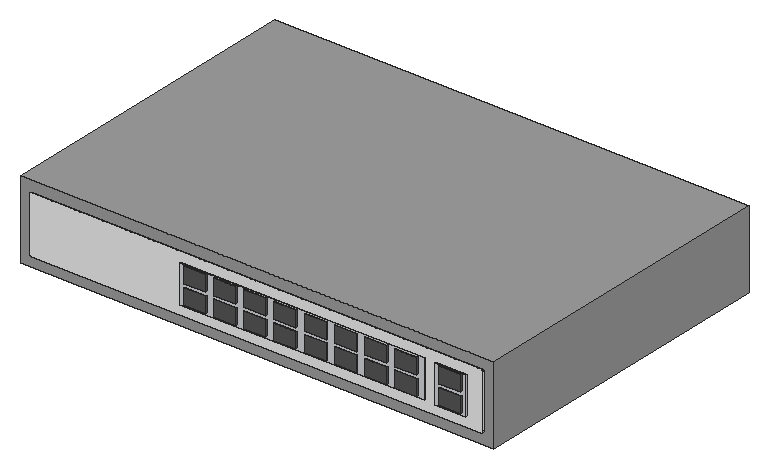
Revit family "BAS-IP_Коммутатор_SH-20-16", category Устройства связи, Revit 2019
Family settings
  Сохранять ориентацию аннотаций = Нет
  Размер круглого соединителя = Использовать диаметр
  Тип детали = Нормальный
  На основе рабочей плоскости = Нет
  Всегда вертикально = Да
  При загрузке вырезать с полостями = Нет
  Общий = Нет
  Точка расчета площади = Нет
Parameters (values of type "SH-20.16")
  УГО_Смещение_Y [instance] = 0 mm
  УГО_Смещение_X [instance] = 0 mm
  Максимальная суммарная мощность всех портов = "246 Вт"
  Температурный режим = "-20 – +55 °С"
  Максимальная мощность на каждом порту с PoE = "15,4 Вт"
  Максимальная длина кабеля при подключении к портам с PoE = "100 м"
  Количество портов PoE = "16 x 10/100Base-TX, 8P8C Auto-MDI / MDI-X (IEEE 802.3af)"
  Источник питания = "Переменное напряжение 220 В ±20%, 50 Гц"
  Габаритные размеры = "270 × 181 × 44.5 мм"
  Уровень коммутатора = "1 (неуправляемый)"
  Метод подачи питания на портах с PoE = "Метод B"
  Изготовитель = "BAS-IP"  # constant formula
  Количество портов UpLink = "2 x 10/100Base-TX / 1000Base-T, 8P8C Auto-MDI / MDI-X"
  ADSK_Размер_Смещение от уровня [instance] = 1000 mm
  ADSK_Примечание [instance] = ""
  ADSK_Позиция [instance] = ""
  ADSK_Наименование = "PoE коммутатор на 16 портов"
  ADSK_Материал = Gray
  ADSK_Марка = "SH-20.16"
  ADSK_Количество = 1  # constant formula
  ADSK_Код изделия = ""
  ADSK_Завод-изготовитель = "BAS-IP"  # constant formula
  ADSK_Единица измерения = "шт."  # constant formula
Reference planes
  plane 1 "По центру (Вперед/Назад)": y = 0
  plane 2: z = 0
  plane 3 "По центру (Влево/Вправо)": x = 0
  plane 4: z = 1000
  plane 5: z = 0
  plane 6: x = 0
  plane 7: y = 0
Forms (mm)
  Extrusion 1, solid, material "Gray" <- "ADSK_Материал", not visible, detail levels medium+fine
    sketch origin (0, 0, 0) x (1, 0, 0) y (0, 1, 0)
      loop
        line (-135, 0) -> (-135, -181) -> (135, -181) -> (135, 0) -> (-135, 0)
    from 0 to 44.5
  Extrusion 2, solid, material "White", not visible, detail levels fine
    sketch origin (44.72, -85.5, 14.394) x (1, 0, 0) y (0, 0, 1)
      loop
        arc (-172.72, 24.106) -> (-173.427, 23.813) -> (-173.72, 23.106) r 1
        line (-173.72, 23.106) -> (-173.72, -7.394)
        arc (-173.72, -7.394) -> (-173.427, -8.101) -> (-172.72, -8.394) r 1
        line (-172.72, -8.394) -> (83.28, -8.394)
        arc (83.28, -8.394) -> (83.987, -8.101) -> (84.28, -7.394) r 1
        line (84.28, -7.394) -> (84.28, 23.106)
        arc (84.28, 23.106) -> (83.987, 23.813) -> (83.28, 24.106) r 1
        line (83.28, 24.106) -> (-172.72, 24.106)
    from 95 to 96
  Extrusion 3, solid, not visible, detail levels fine
    sketch origin (120.836, -86, 12.594) x (1, 0, 0) y (0, 0, 1)
      loop
        line (-163.972, 20.358) -> (-163.972, -1.094) -> (-24.708, -1.094) -> (-24.708, 20.358) -> (-163.972, 20.358)
    from 95 to 96
  Extrusion 4, solid, material "Black", not visible, detail levels fine
    sketch origin (121.347, -86, 12.236) x (1, 0, 0) y (0, 0, 1)
      loop
        line (-162, 19.946) -> (-162, 10.946) -> (-149.523, 10.946) -> (-149.523, 19.946) -> (-162, 19.946)
    from 95 to 96.5
  Extrusion 5, solid, material "Black", not visible, detail levels fine
    sketch origin (121.347, -86, 32.216) x (1, 0, 0) y (0, 0, 1)
      loop
        line (-162, -19.946) -> (-149.523, -19.946) -> (-149.523, -10.946) -> (-162, -10.946) -> (-162, -19.946)
    from 95 to 96.5
  Extrusion 6, solid, material "Black", not visible, detail levels fine
    sketch origin (138.539, -86, 12.236) x (1, 0, 0) y (0, 0, 1)
      loop
        line (-162, 19.946) -> (-162, 10.946) -> (-149.523, 10.946) -> (-149.523, 19.946) -> (-162, 19.946)
    from 95 to 96.5
  Extrusion 7, solid, material "Black", not visible, detail levels fine
    sketch origin (138.539, -86, 32.216) x (1, 0, 0) y (0, 0, 1)
      loop
        line (-162, -19.946) -> (-149.523, -19.946) -> (-149.523, -10.946) -> (-162, -10.946) -> (-162, -19.946)
    from 95 to 96.5
  Extrusion 8, solid, material "Black", not visible, detail levels fine
    sketch origin (155.731, -86, 12.236) x (1, 0, 0) y (0, 0, 1)
      loop
        line (-162, 19.946) -> (-162, 10.946) -> (-149.523, 10.946) -> (-149.523, 19.946) -> (-162, 19.946)
    from 95 to 96.5
  Extrusion 9, solid, material "Black", not visible, detail levels fine
    sketch origin (155.731, -86, 32.216) x (1, 0, 0) y (0, 0, 1)
      loop
        line (-162, -19.946) -> (-149.523, -19.946) -> (-149.523, -10.946) -> (-162, -10.946) -> (-162, -19.946)
    from 95 to 96.5
  Extrusion 10, solid, material "Black", not visible, detail levels fine
    sketch origin (172.923, -86, 12.236) x (1, 0, 0) y (0, 0, 1)
      loop
        line (-162, 19.946) -> (-162, 10.946) -> (-149.523, 10.946) -> (-149.523, 19.946) -> (-162, 19.946)
    from 95 to 96.5
  Extrusion 11, solid, material "Black", not visible, detail levels fine
    sketch origin (172.923, -86, 32.216) x (1, 0, 0) y (0, 0, 1)
      loop
        line (-162, -19.946) -> (-149.523, -19.946) -> (-149.523, -10.946) -> (-162, -10.946) -> (-162, -19.946)
    from 95 to 96.5
  Extrusion 12, solid, material "Black", not visible, detail levels fine
    sketch origin (190.115, -86, 12.236) x (1, 0, 0) y (0, 0, 1)
      loop
        line (-162, 19.946) -> (-162, 10.946) -> (-149.523, 10.946) -> (-149.523, 19.946) -> (-162, 19.946)
    from 95 to 96.5
  Extrusion 13, solid, material "Black", not visible, detail levels fine
    sketch origin (190.115, -86, 32.216) x (1, 0, 0) y (0, 0, 1)
      loop
        line (-162, -19.946) -> (-149.523, -19.946) -> (-149.523, -10.946) -> (-162, -10.946) -> (-162, -19.946)
    from 95 to 96.5
  Extrusion 14, solid, material "Black", not visible, detail levels fine
    sketch origin (207.307, -86, 12.236) x (1, 0, 0) y (0, 0, 1)
      loop
        line (-162, 19.946) -> (-162, 10.946) -> (-149.523, 10.946) -> (-149.523, 19.946) -> (-162, 19.946)
    from 95 to 96.5
  Extrusion 15, solid, material "Black", not visible, detail levels fine
    sketch origin (207.307, -86, 32.216) x (1, 0, 0) y (0, 0, 1)
      loop
        line (-162, -19.946) -> (-149.523, -19.946) -> (-149.523, -10.946) -> (-162, -10.946) -> (-162, -19.946)
    from 95 to 96.5
  Extrusion 16, solid, material "Black", not visible, detail levels fine
    sketch origin (224.499, -86, 12.236) x (1, 0, 0) y (0, 0, 1)
      loop
        line (-162, 19.946) -> (-162, 10.946) -> (-149.523, 10.946) -> (-149.523, 19.946) -> (-162, 19.946)
    from 95 to 96.5
  Extrusion 17, solid, material "Black", not visible, detail levels fine
    sketch origin (224.499, -86, 32.216) x (1, 0, 0) y (0, 0, 1)
      loop
        line (-162, -19.946) -> (-149.523, -19.946) -> (-149.523, -10.946) -> (-162, -10.946) -> (-162, -19.946)
    from 95 to 96.5
  Extrusion 18, solid, material "Black", not visible, detail levels fine
    sketch origin (241.691, -86, 12.236) x (1, 0, 0) y (0, 0, 1)
      loop
        line (-162, 19.946) -> (-162, 10.946) -> (-149.523, 10.946) -> (-149.523, 19.946) -> (-162, 19.946)
    from 95 to 96.5
  Extrusion 19, solid, material "Black", not visible, detail levels fine
    sketch origin (241.691, -86, 32.216) x (1, 0, 0) y (0, 0, 1)
      loop
        line (-162, -19.946) -> (-149.523, -19.946) -> (-149.523, -10.946) -> (-162, -10.946) -> (-162, -19.946)
    from 95 to 96.5
  Extrusion 20, solid, not visible, detail levels fine
    sketch origin (265.836, -86, 12.594) x (1, 0, 0) y (0, 0, 1)
      loop
        line (-163.716, 20.358) -> (-163.716, -1.094) -> (-146.086, -1.094) -> (-146.086, 20.358) -> (-163.716, 20.358)
    from 95 to 96
  Extrusion 21, solid, material "Black", not visible, detail levels fine
    sketch origin (266.604, -86, 12.236) x (1, 0, 0) y (0, 0, 1)
      loop
        line (-162, 19.946) -> (-162, 10.946) -> (-149.523, 10.946) -> (-149.523, 19.946) -> (-162, 19.946)
    from 95 to 96.5
  Extrusion 22, solid, material "Black", not visible, detail levels fine
    sketch origin (266.604, -86, 32.216) x (1, 0, 0) y (0, 0, 1)
      loop
        line (-162, -19.946) -> (-149.523, -19.946) -> (-149.523, -10.946) -> (-162, -10.946) -> (-162, -19.946)
    from 95 to 96.5
  Extrusion 23, solid, material "Gray" <- "ADSK_Материал", detail levels medium+fine
    sketch origin (0, 0, 1000) x (1, 0, 0) y (0, 1, 0)
      loop
        line (-135, 0) -> (-135, -181) -> (135, -181) -> (135, 0) -> (-135, 0)
    from 0 to 44.5
  Extrusion 24, solid, material "White", detail levels fine
    sketch origin (44.72, -85.5, 1014.394) x (1, 0, 0) y (0, 0, 1)
      loop
        arc (-172.72, 24.106) -> (-173.427, 23.813) -> (-173.72, 23.106) r 1
        line (-173.72, 23.106) -> (-173.72, -7.394)
        arc (-173.72, -7.394) -> (-173.427, -8.101) -> (-172.72, -8.394) r 1
        line (-172.72, -8.394) -> (83.28, -8.394)
        arc (83.28, -8.394) -> (83.987, -8.101) -> (84.28, -7.394) r 1
        line (84.28, -7.394) -> (84.28, 23.106)
        arc (84.28, 23.106) -> (83.987, 23.813) -> (83.28, 24.106) r 1
        line (83.28, 24.106) -> (-172.72, 24.106)
    from 95 to 96
  Extrusion 25, solid, detail levels fine
    sketch origin (120.836, -86, 1012.594) x (1, 0, 0) y (0, 0, 1)
      loop
        line (-163.972, 20.358) -> (-163.972, -1.094) -> (-24.708, -1.094) -> (-24.708, 20.358) -> (-163.972, 20.358)
    from 95 to 96
  Extrusion 26, solid, material "Black", detail levels fine
    sketch origin (121.347, -86, 1012.236) x (1, 0, 0) y (0, 0, 1)
      loop
        line (-162, 19.946) -> (-162, 10.946) -> (-149.523, 10.946) -> (-149.523, 19.946) -> (-162, 19.946)
    from 95 to 96.5
  Extrusion 27, solid, material "Black", detail levels fine
    sketch origin (121.347, -86, 1032.216) x (1, 0, 0) y (0, 0, 1)
      loop
        line (-162, -19.946) -> (-149.523, -19.946) -> (-149.523, -10.946) -> (-162, -10.946) -> (-162, -19.946)
    from 95 to 96.5
  Extrusion 28, solid, material "Black", detail levels fine
    sketch origin (138.539, -86, 1012.236) x (1, 0, 0) y (0, 0, 1)
      loop
        line (-162, 19.946) -> (-162, 10.946) -> (-149.523, 10.946) -> (-149.523, 19.946) -> (-162, 19.946)
    from 95 to 96.5
  Extrusion 29, solid, material "Black", detail levels fine
    sketch origin (138.539, -86, 1032.216) x (1, 0, 0) y (0, 0, 1)
      loop
        line (-162, -19.946) -> (-149.523, -19.946) -> (-149.523, -10.946) -> (-162, -10.946) -> (-162, -19.946)
    from 95 to 96.5
  Extrusion 30, solid, material "Black", detail levels fine
    sketch origin (155.731, -86, 1012.236) x (1, 0, 0) y (0, 0, 1)
      loop
        line (-162, 19.946) -> (-162, 10.946) -> (-149.523, 10.946) -> (-149.523, 19.946) -> (-162, 19.946)
    from 95 to 96.5
  Extrusion 31, solid, material "Black", detail levels fine
    sketch origin (155.731, -86, 1032.216) x (1, 0, 0) y (0, 0, 1)
      loop
        line (-162, -19.946) -> (-149.523, -19.946) -> (-149.523, -10.946) -> (-162, -10.946) -> (-162, -19.946)
    from 95 to 96.5
  Extrusion 32, solid, material "Black", detail levels fine
    sketch origin (172.923, -86, 1012.236) x (1, 0, 0) y (0, 0, 1)
      loop
        line (-162, 19.946) -> (-162, 10.946) -> (-149.523, 10.946) -> (-149.523, 19.946) -> (-162, 19.946)
    from 95 to 96.5
  Extrusion 33, solid, material "Black", detail levels fine
    sketch origin (172.923, -86, 1032.216) x (1, 0, 0) y (0, 0, 1)
      loop
        line (-162, -19.946) -> (-149.523, -19.946) -> (-149.523, -10.946) -> (-162, -10.946) -> (-162, -19.946)
    from 95 to 96.5
  Extrusion 34, solid, material "Black", detail levels fine
    sketch origin (190.115, -86, 1012.236) x (1, 0, 0) y (0, 0, 1)
      loop
        line (-162, 19.946) -> (-162, 10.946) -> (-149.523, 10.946) -> (-149.523, 19.946) -> (-162, 19.946)
    from 95 to 96.5
  Extrusion 35, solid, material "Black", detail levels fine
    sketch origin (190.115, -86, 1032.216) x (1, 0, 0) y (0, 0, 1)
      loop
        line (-162, -19.946) -> (-149.523, -19.946) -> (-149.523, -10.946) -> (-162, -10.946) -> (-162, -19.946)
    from 95 to 96.5
  Extrusion 36, solid, material "Black", detail levels fine
    sketch origin (207.307, -86, 1012.236) x (1, 0, 0) y (0, 0, 1)
      loop
        line (-162, 19.946) -> (-162, 10.946) -> (-149.523, 10.946) -> (-149.523, 19.946) -> (-162, 19.946)
    from 95 to 96.5
  Extrusion 37, solid, material "Black", detail levels fine
    sketch origin (207.307, -86, 1032.216) x (1, 0, 0) y (0, 0, 1)
      loop
        line (-162, -19.946) -> (-149.523, -19.946) -> (-149.523, -10.946) -> (-162, -10.946) -> (-162, -19.946)
    from 95 to 96.5
  Extrusion 38, solid, material "Black", detail levels fine
    sketch origin (224.499, -86, 1012.236) x (1, 0, 0) y (0, 0, 1)
      loop
        line (-162, 19.946) -> (-162, 10.946) -> (-149.523, 10.946) -> (-149.523, 19.946) -> (-162, 19.946)
    from 95 to 96.5
  Extrusion 39, solid, material "Black", detail levels fine
    sketch origin (224.499, -86, 1032.216) x (1, 0, 0) y (0, 0, 1)
      loop
        line (-162, -19.946) -> (-149.523, -19.946) -> (-149.523, -10.946) -> (-162, -10.946) -> (-162, -19.946)
    from 95 to 96.5
  Extrusion 40, solid, material "Black", detail levels fine
    sketch origin (241.691, -86, 1012.236) x (1, 0, 0) y (0, 0, 1)
      loop
        line (-162, 19.946) -> (-162, 10.946) -> (-149.523, 10.946) -> (-149.523, 19.946) -> (-162, 19.946)
    from 95 to 96.5
  Extrusion 41, solid, material "Black", detail levels fine
    sketch origin (241.691, -86, 1032.216) x (1, 0, 0) y (0, 0, 1)
      loop
        line (-162, -19.946) -> (-149.523, -19.946) -> (-149.523, -10.946) -> (-162, -10.946) -> (-162, -19.946)
    from 95 to 96.5
  Extrusion 42, solid, detail levels fine
    sketch origin (265.836, -86, 1012.594) x (1, 0, 0) y (0, 0, 1)
      loop
        line (-163.716, 20.358) -> (-163.716, -1.094) -> (-146.086, -1.094) -> (-146.086, 20.358) -> (-163.716, 20.358)
    from 95 to 96
  Extrusion 43, solid, material "Black", detail levels fine
    sketch origin (266.604, -86, 1012.236) x (1, 0, 0) y (0, 0, 1)
      loop
        line (-162, 19.946) -> (-162, 10.946) -> (-149.523, 10.946) -> (-149.523, 19.946) -> (-162, 19.946)
    from 95 to 96.5
  Extrusion 44, solid, material "Black", detail levels fine
    sketch origin (266.604, -86, 1032.216) x (1, 0, 0) y (0, 0, 1)
      loop
        line (-162, -19.946) -> (-149.523, -19.946) -> (-149.523, -10.946) -> (-162, -10.946) -> (-162, -19.946)
    from 95 to 96.5
Dimensions and locks
  "ADSK_Размер_Смещение от уровня": plane 4 to plane 2
  "УГО_Смещение_X": plane 3 "По центру (Влево/Вправо)" to plane 6
  "УГО_Смещение_Y": plane 7 to plane 1 "По центру (Вперед/Назад)"
  aligned and locked: level to plane 2
  aligned and locked: Extrusion 23 to plane 4
  aligned and locked: plane 6 to nested 1
  aligned and locked: nested 1 to plane 7
Automatic sketch dimensions
  Extrusion 2 sketch curve to Extrusion 2 sketch curve = 1 mm  (x3)
  Extrusion 2 sketch curve to Extrusion 2 sketch curve = 30.5 mm
  Extrusion 3 sketch curve to Extrusion 3 sketch curve = 21.452 mm
  Extrusion 4 sketch curve to Extrusion 4 sketch curve = 12.477 mm
  Extrusion 4 sketch curve to Extrusion 4 sketch curve = 9 mm
  Extrusion 5 sketch curve to Extrusion 5 sketch curve = 12.477 mm
  Extrusion 5 sketch curve to Extrusion 5 sketch curve = 9 mm
  Extrusion 6 sketch curve to Extrusion 6 sketch curve = 9 mm
  Extrusion 7 sketch curve to Extrusion 7 sketch curve = 9 mm
  Extrusion 8 sketch curve to Extrusion 8 sketch curve = 9 mm
  Extrusion 9 sketch curve to Extrusion 9 sketch curve = 9 mm
  Extrusion 10 sketch curve to Extrusion 10 sketch curve = 12.477 mm
  Extrusion 10 sketch curve to Extrusion 10 sketch curve = 9 mm
  Extrusion 11 sketch curve to Extrusion 11 sketch curve = 12.477 mm
  Extrusion 11 sketch curve to Extrusion 11 sketch curve = 9 mm
  Extrusion 12 sketch curve to Extrusion 12 sketch curve = 12.477 mm
  Extrusion 12 sketch curve to Extrusion 12 sketch curve = 9 mm
  Extrusion 13 sketch curve to Extrusion 13 sketch curve = 12.477 mm
  Extrusion 13 sketch curve to Extrusion 13 sketch curve = 9 mm
  Extrusion 14 sketch curve to Extrusion 14 sketch curve = 12.477 mm
  Extrusion 14 sketch curve to Extrusion 14 sketch curve = 9 mm
  Extrusion 15 sketch curve to Extrusion 15 sketch curve = 12.477 mm
  Extrusion 15 sketch curve to Extrusion 15 sketch curve = 9 mm
  Extrusion 16 sketch curve to Extrusion 16 sketch curve = 12.477 mm
  Extrusion 16 sketch curve to Extrusion 16 sketch curve = 9 mm
  Extrusion 17 sketch curve to Extrusion 17 sketch curve = 12.477 mm
  Extrusion 17 sketch curve to Extrusion 17 sketch curve = 9 mm
  Extrusion 18 sketch curve to Extrusion 18 sketch curve = 12.477 mm
  Extrusion 18 sketch curve to Extrusion 18 sketch curve = 9 mm
  Extrusion 19 sketch curve to Extrusion 19 sketch curve = 12.477 mm
  Extrusion 19 sketch curve to Extrusion 19 sketch curve = 9 mm
  Extrusion 20 sketch curve to Extrusion 20 sketch curve = 17.63 mm
  Extrusion 20 sketch curve to Extrusion 20 sketch curve = 21.452 mm
  Extrusion 21 sketch curve to Extrusion 21 sketch curve = 12.477 mm
  Extrusion 21 sketch curve to Extrusion 21 sketch curve = 9 mm
  Extrusion 22 sketch curve to Extrusion 22 sketch curve = 12.477 mm
  Extrusion 22 sketch curve to Extrusion 22 sketch curve = 9 mm
  Extrusion 1 sketch curve to Extrusion 1 sketch curve = 270 mm
  Extrusion 1 sketch curve to Extrusion 1 sketch curve = 181 mm
  Extrusion 2 sketch curve to Extrusion 2 sketch curve = 256 mm
  Extrusion 2 sketch curve to Extrusion 2 sketch curve = 0 mm
  Extrusion 3 sketch curve to Extrusion 3 sketch curve = 139.264 mm
  Extrusion 6 sketch curve to Extrusion 6 sketch curve = 12.477 mm
  Extrusion 7 sketch curve to Extrusion 7 sketch curve = 12.477 mm
  Extrusion 8 sketch curve to Extrusion 8 sketch curve = 12.477 mm
  Extrusion 9 sketch curve to Extrusion 9 sketch curve = 12.477 mm
  Extrusion 24 sketch curve to Extrusion 24 sketch curve = 1 mm  (x3)
  Extrusion 24 sketch curve to Extrusion 24 sketch curve = 30.5 mm
  Extrusion 25 sketch curve to Extrusion 25 sketch curve = 21.452 mm
  Extrusion 26 sketch curve to Extrusion 26 sketch curve = 12.477 mm
  Extrusion 26 sketch curve to Extrusion 26 sketch curve = 9 mm
  Extrusion 27 sketch curve to Extrusion 27 sketch curve = 12.477 mm
  Extrusion 27 sketch curve to Extrusion 27 sketch curve = 9 mm
  Extrusion 28 sketch curve to Extrusion 28 sketch curve = 9 mm
  Extrusion 29 sketch curve to Extrusion 29 sketch curve = 9 mm
  Extrusion 30 sketch curve to Extrusion 30 sketch curve = 9 mm
  Extrusion 31 sketch curve to Extrusion 31 sketch curve = 9 mm
  Extrusion 32 sketch curve to Extrusion 32 sketch curve = 12.477 mm
  Extrusion 32 sketch curve to Extrusion 32 sketch curve = 9 mm
  Extrusion 33 sketch curve to Extrusion 33 sketch curve = 12.477 mm
  Extrusion 33 sketch curve to Extrusion 33 sketch curve = 9 mm
  Extrusion 34 sketch curve to Extrusion 34 sketch curve = 12.477 mm
  Extrusion 34 sketch curve to Extrusion 34 sketch curve = 9 mm
  Extrusion 35 sketch curve to Extrusion 35 sketch curve = 12.477 mm
  Extrusion 35 sketch curve to Extrusion 35 sketch curve = 9 mm
  Extrusion 36 sketch curve to Extrusion 36 sketch curve = 12.477 mm
  Extrusion 36 sketch curve to Extrusion 36 sketch curve = 9 mm
  Extrusion 37 sketch curve to Extrusion 37 sketch curve = 12.477 mm
  Extrusion 37 sketch curve to Extrusion 37 sketch curve = 9 mm
  Extrusion 38 sketch curve to Extrusion 38 sketch curve = 12.477 mm
  Extrusion 38 sketch curve to Extrusion 38 sketch curve = 9 mm
  Extrusion 39 sketch curve to Extrusion 39 sketch curve = 12.477 mm
  Extrusion 39 sketch curve to Extrusion 39 sketch curve = 9 mm
  Extrusion 40 sketch curve to Extrusion 40 sketch curve = 12.477 mm
  Extrusion 40 sketch curve to Extrusion 40 sketch curve = 9 mm
  Extrusion 41 sketch curve to Extrusion 41 sketch curve = 12.477 mm
  Extrusion 41 sketch curve to Extrusion 41 sketch curve = 9 mm
  Extrusion 42 sketch curve to Extrusion 42 sketch curve = 17.63 mm
  Extrusion 42 sketch curve to Extrusion 42 sketch curve = 21.452 mm
  Extrusion 43 sketch curve to Extrusion 43 sketch curve = 12.477 mm
  Extrusion 43 sketch curve to Extrusion 43 sketch curve = 9 mm
  Extrusion 44 sketch curve to Extrusion 44 sketch curve = 12.477 mm
  Extrusion 44 sketch curve to Extrusion 44 sketch curve = 9 mm
  Extrusion 23 sketch curve to Extrusion 23 sketch curve = 270 mm
  Extrusion 23 sketch curve to Extrusion 23 sketch curve = 181 mm
  Extrusion 24 sketch curve to Extrusion 24 sketch curve = 256 mm
  Extrusion 24 sketch curve to Extrusion 24 sketch curve = 0 mm
  Extrusion 25 sketch curve to Extrusion 25 sketch curve = 139.264 mm
  Extrusion 28 sketch curve to Extrusion 28 sketch curve = 12.477 mm
  Extrusion 29 sketch curve to Extrusion 29 sketch curve = 12.477 mm
  Extrusion 30 sketch curve to Extrusion 30 sketch curve = 12.477 mm
  Extrusion 31 sketch curve to Extrusion 31 sketch curve = 12.477 mm
Nested families
  nested 1: "УГО_Коммутатор" at (0, 0, 0), type "УГО_Коммутатор", detail levels coarse+medium
Connectors
  electrical at (0, 0, 1022.25)
    settings: on Extrusion 23, index 1, voltage 0 V, apparent load 0 VA, apparent load phase1 0 VA, apparent load phase2 0 VA, apparent load phase3 0 VA, power factor 1, load classification "Прочее", number of poles 1, system type 13, power factor state 1, is connector primary yes, connector utility no, sub classification motor no, connector description ""
Definition of nested family "УГО_Коммутатор"
  Reference planes
    plane 1: y = 0
    plane 2: x = 0
  Lines and regions (mm)
    detail lines
      curve 1: line (-3.5, -5, 0) -> (-3.5, 0, 0)
      curve 2: line (3.5, -5, 0) -> (-3.5, -5, 0)
      curve 3: line (3.5, 0, 0) -> (3.5, -5, 0)
      curve 4: line (-3.5, 0, 0) -> (3.5, 0, 0)
  Text (mm)
    text "SW" at (0.069, -2.443, 0)
